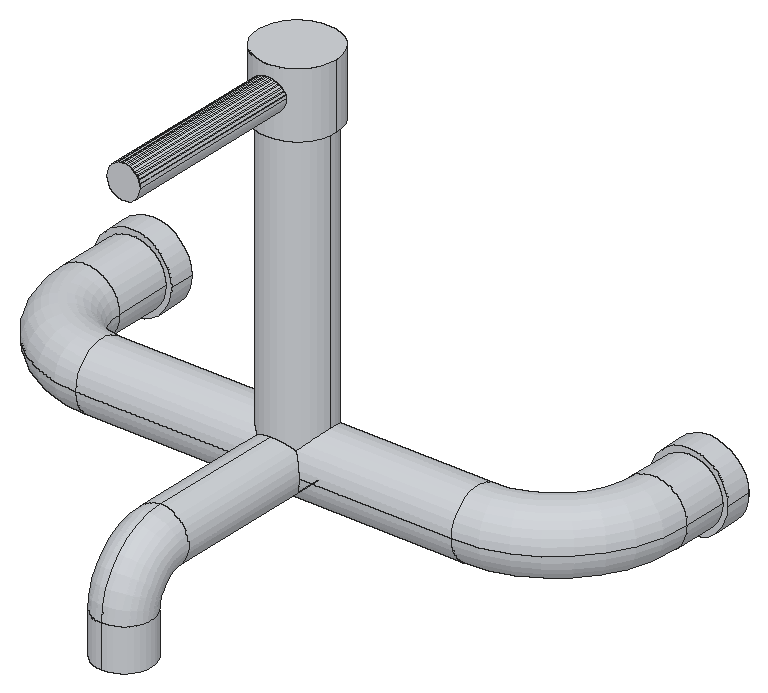
Revit family "auto-给水-混水阀", category Pipe Accessories, Revit 2020
Family settings
  Round Connector Dimension = Use Diameter
  Part Type = Normal
  Work Plane-Based = No
  Always vertical = Yes
  Cut with Voids When Loaded = No
  Shared = No
Parameters (values of type "标准")
  Default Elevation = 0 mm
  高度 [instance] = 131 mm
  长度 [instance] = 150 mm
  Assembly Code = ""
  Description = "找构件就上构件坞"
  Type Comments = ""
  热水进水口直径 [instance] = 15 mm
  热水进水口半径 [instance] = 热水进水口直径 / 2  # 7.5 mm
  Keynote = ""
  宽度 [instance] = 143 mm
  Model = ""
  Manufacturer = ""
  冷水进水口直径 [instance] = 15 mm
  冷水进水口半径 [instance] = 冷水进水口直径 / 2  # 7.5 mm
  URL = "www.goujianwu.com"
  K Coefficient Table = (empty or 0)
  HWFU = 0.75
  CWFU = 0.75
Reference planes
  plane 1 "中心(前/后)": y = 0
  plane 2: z = 0
  plane 3 "中心(左/右)": x = 0
  plane 4: x = -100
  plane 5: x = 100
  plane 6: y = -5
  plane 7: y = -143
  plane 8: y = -65
  plane 9: z = 131
  plane 10: z = 121
  plane 11: z = 107.651
  plane 12: y = -210
Forms (mm)
  Extrusion 1, solid, detail levels fine
    sketch origin (0, 0, 0) x (1, 0, 0) y (0, 0, 1)
      loop
        circle (-100, 0) r 7.5
      loop
        circle (100, 0) r 7.5
    from 0 to 5
  Extrusion 2, solid, detail levels fine
    sketch origin (0, 0, 0) x (1, 0, 0) y (0, 0, 1)
      loop
        circle (-100, 0) r 14
      loop
        circle (100, 0) r 14
    from 5 to 14.093
  Sweep 3, solid, detail levels fine
    path origin (0, 0, 0) x (1, 0, 0) y (0, 1, 0)
      loop
        line (-100, -14.093) -> (-100, -35)
        arc (-100, -35) -> (-91.213, -56.213) -> (-70, -65) r 30
        line (-70, -65) -> (65, -65)
        arc (65, -65) -> (89.749, -54.749) -> (100, -30) r 35
        line (100, -30) -> (100, -14.093)
    profile origin (-100, -24.547, 0) x (1, 0, 0) y (0, 0, 1)
      loop
        circle (0, 0) r 12
  Extrusion 4, solid, detail levels fine
    sketch origin (0, 0, 0) x (1, 0, 0) y (0, 1, 0)
      loop
        circle (0, -65) r 12
    from 0 to 107.651
  Extrusion 5, solid, detail levels fine
    sketch origin (0, 0, 0) x (1, 0, 0) y (0, 1, 0)
      loop
        circle (0, -65) r 14
    from 107.651 to 131
  Sweep 6, solid, detail levels fine
    path origin (0, 0, 0) x (0, 1, 0) y (0, 0, 1)
      loop
        line (-65, 0) -> (-126.428, 0)
        arc (-126.428, 0) -> (-138.146, -4.854) -> (-143, -16.572) r 16.572
        line (-143, -16.572) -> (-143, -31.627)
    profile origin (0, -95.714, 0) x (0, 0, -1) y (1, 0, 0)
      loop
        circle (0, 0) r 10
  Extrusion 7, solid, detail levels fine
    sketch origin (0, 0, 0) x (1, 0, 0) y (0, 0, 1)
      loop
        circle (0, 121) r 6
    from 65 to 143
  Extrusion 8, solid, detail levels fine
    sketch origin (0, 0, 0) x (1, 0, 0) y (0, 0, 1)
      loop
        circle (-100, 0) r 7.5
      loop
        circle (100, 0) r 7.5
    from 0 to 5
  Extrusion 9, solid, detail levels fine
    sketch origin (0, 0, 0) x (1, 0, 0) y (0, 0, 1)
      loop
        circle (-100, 0) r 14
      loop
        circle (100, 0) r 14
    from 5 to 14.093
  Sweep 10, solid, detail levels fine
    path origin (0, 0, 0) x (1, 0, 0) y (0, 1, 0)
      loop
        line (-100, -14.093) -> (-100, -35)
        arc (-100, -35) -> (-91.213, -56.213) -> (-70, -65) r 30
        line (-70, -65) -> (65, -65)
        arc (65, -65) -> (89.749, -54.749) -> (100, -30) r 35
        line (100, -30) -> (100, -14.093)
    profile origin (-100, -24.547, 0) x (1, 0, 0) y (0, 0, 1)
      loop
        circle (0, 0) r 12
  Extrusion 11, solid, detail levels fine
    sketch origin (0, 0, 0) x (1, 0, 0) y (0, 1, 0)
      loop
        circle (0, -65) r 12
    from 0 to 107.651
  Extrusion 12, solid, detail levels fine
    sketch origin (0, 0, 0) x (1, 0, 0) y (0, 1, 0)
      loop
        circle (0, -65) r 14
    from 107.651 to 131
  Extrusion 13, solid, detail levels fine
    sketch origin (0, 0, 0) x (1, 0, 0) y (0, 0, 1)
      loop
        circle (0, 121) r 6
    from 65 to 143
  Sweep 14, solid, detail levels fine
    path origin (0, 0, 0) x (0, 1, 0) y (0, 0, 1)
      loop
        line (-65, 0) -> (-126.428, 0)
        arc (-126.428, 0) -> (-138.146, -4.854) -> (-143, -16.572) r 16.572
        line (-143, -16.572) -> (-143, -31.627)
    profile origin (0, -95.714, 0) x (0, 0, -1) y (1, 0, 0)
      loop
        circle (0, 0) r 10
Lines and regions (mm)
  symbolic lines, detail levels coarse+medium
    curve 1: line (-100, 0, 0) -> (-100, -170, 0)
    curve 2: line (100, 0, 0) -> (100, -170, 0)
    curve 3: line (-115, -143, 0) -> (-85, -143, 0)
    curve 4: line (115, -143, 0) -> (85, -143, 0)
    curve 5: line (-100, -65, 0) -> (100, -65, 0)
    curve 6: line (0, -65, 0) -> (0, -210, 0)
    curve 7: arc (9.846, -192.592, 0) -> (1.31, -229.957, 0) -> (-12.038, -194.029, 0) r 20
  model lines, detail levels coarse+medium
    curve 8: line (0, 0, 0) -> (0, -20, 0)
    curve 9: circle (0, -24.937, 0) r 4.937 normal (1, 0, 0)
    curve 10: line (0, -29.875, 0) -> (0, -34.875, 0)
    curve 11: line (0, -34.875, 3.992) -> (0, -34.875, -4.011)
    curve 12: line (0, -24.937, 4.937) -> (0, -65, 121)
    curve 13: line (0, -65, 121) -> (0, -74.211, 33.36)
    curve 14: line (0, -49.274, 28.422) -> (0, -69.274, 28.422)
    curve 15: circle (0, -74.211, 28.422) r 4.937 normal (1, 0, 0)
    curve 16: line (0, -79.149, 28.422) -> (0, -84.149, 28.422)
    curve 17: line (0, -84.149, 32.414) -> (0, -84.149, 24.411)
    curve 18: circle (0, -65, 125.9) r 4.9 normal (1, 0, 0)
    curve 19: line (0, -65, 130.8) -> (0, -65, 138.058)
    curve 20: line (0, -55, 138.058) -> (0, -75, 138.058)
Dimensions and locks
  equal spacing: plane 5, plane 3 "中心(左/右)", plane 4
  plane 5 to plane 4 = 200 mm
  plane 6 to plane 1 "中心(前/后)" = 5 mm
  "宽度": plane 7 to plane 1 "中心(前/后)"
  plane 6 to plane 8 = 60 mm
  "高度": plane 9 to level
  plane 10 to plane 11 = 13.349 mm
  "热水进水口半径": radius of Extrusion 8 sketch curve
  "冷水进水口半径": radius of Extrusion 8 sketch curve
  aligned and locked: level to plane 2
  aligned and locked: plane 4 to Extrusion 1 sketch curve
  aligned and locked: level to Extrusion 1 sketch curve  (x2)
  aligned and locked: plane 5 to Extrusion 1 sketch curve
  aligned and locked: plane 4 to Extrusion 2 sketch curve
  aligned and locked: level to Extrusion 2 sketch curve  (x2)
  aligned and locked: plane 5 to Extrusion 2 sketch curve
  aligned and locked: Extrusion 2 to Extrusion 1
  aligned and locked: plane 6 to Extrusion 2
  aligned and locked: Sweep 3 sketch curve to plane 4
  aligned and locked: Sweep 3 sketch curve to plane 8
  aligned and locked: Sweep 3 sketch curve to plane 5
  aligned and locked: plane 4 to Sweep 3 sketch curve
  aligned and locked: level to Sweep 3 sketch curve
  aligned and locked: plane 3 "中心(左/右)" to Extrusion 4 sketch curve
  aligned and locked: plane 8 to Extrusion 4 sketch curve
  aligned and locked: plane 3 "中心(左/右)" to Extrusion 5 sketch curve
  aligned and locked: plane 8 to Extrusion 5 sketch curve
  aligned and locked: Extrusion 5 to Extrusion 4
  aligned and locked: plane 9 to Extrusion 5
  aligned and locked: Sweep 6 sketch curve to level
  aligned and locked: plane 7 to Sweep 6 sketch curve
  aligned and locked: plane 3 "中心(左/右)" to Sweep 6 sketch curve
  aligned and locked: level to Sweep 6 sketch curve
  aligned and locked: plane 3 "中心(左/右)" to Extrusion 7 sketch curve
  aligned and locked: plane 10 to Extrusion 7 sketch curve
  aligned and locked: plane 8 to Extrusion 7
  aligned and locked: Extrusion 7 to plane 7
  aligned and locked: plane 4 to Extrusion 8 sketch curve
  aligned and locked: level to Extrusion 8 sketch curve  (x2)
  aligned and locked: plane 5 to Extrusion 8 sketch curve
  aligned and locked: Extrusion 8 to plane 1 "中心(前/后)"
  aligned and locked: Extrusion 8 to Extrusion 1
  aligned and locked: plane 4 to Extrusion 9 sketch curve
  aligned and locked: level to Extrusion 9 sketch curve  (x2)
  aligned and locked: plane 5 to Extrusion 9 sketch curve
  aligned and locked: Extrusion 9 to Extrusion 1
  aligned and locked: Extrusion 9 to Extrusion 2
  aligned and locked: Sweep 10 sketch curve to plane 4
  aligned and locked: Sweep 10 sketch curve to plane 8
  aligned and locked: Sweep 10 sketch curve to plane 5
  aligned and locked: plane 4 to Sweep 10 sketch curve
  aligned and locked: level to Sweep 10 sketch curve
  aligned and locked: plane 3 "中心(左/右)" to Extrusion 11 sketch curve
  aligned and locked: plane 8 to Extrusion 11 sketch curve
  aligned and locked: Extrusion 11 to Extrusion 4
  aligned and locked: Extrusion 11 to level
  aligned and locked: plane 3 "中心(左/右)" to Extrusion 12 sketch curve
  aligned and locked: plane 8 to Extrusion 12 sketch curve
  aligned and locked: Extrusion 12 to Extrusion 4
  aligned and locked: plane 9 to Extrusion 12
  aligned and locked: plane 3 "中心(左/右)" to Extrusion 13 sketch curve
  aligned and locked: plane 10 to Extrusion 13 sketch curve
  aligned and locked: plane 8 to Extrusion 13
  aligned and locked: Extrusion 13 to plane 7
  aligned and locked: Sweep 14 sketch curve to level
  aligned and locked: plane 7 to Sweep 14 sketch curve
  aligned and locked: Extrusion 12 to Extrusion 5
  aligned and locked: Extrusion 11 to Extrusion 5
  aligned and locked: curve 1 to plane 4
  aligned and locked: curve 3 to plane 7
  aligned and locked: plane 7 to curve 4
  aligned and locked: curve 5 to plane 8
  aligned and locked: curve 6 to plane 3 "中心(左/右)"
  aligned and locked: plane 12 to curve 7
  aligned and locked: plane 3 "中心(左/右)" to curve 7
Automatic sketch dimensions
  plane 1 "中心(前/后)" to curve 2 = 0 mm
  curve 2 to plane 5 = 0 mm
  curve 6 to plane 12 = 0 mm
  plane 1 "中心(前/后)" to curve 1 = 0 mm
  curve 3 to plane 4 = 15 mm
  plane 4 to curve 3 = 15 mm
  curve 7 to plane 3 "中心(左/右)" = 12.038 mm
  plane 3 "中心(左/右)" to curve 7 = 9.846 mm
  plane 5 to curve 4 = 15 mm
  curve 4 to plane 5 = 15 mm
  plane 12 to curve 7 = 15.971 mm
  curve 1 to plane 7 = 27 mm
  curve 2 to plane 7 = 27 mm
  plane 4 to Sweep 3 sketch curve = 30 mm
  Sweep 3 sketch curve to plane 6 = 25 mm
  Sweep 3 sketch curve to plane 6 = 9.093 mm  (x2)
  Sweep 6 sketch curve to plane 8 = 0 mm
  Sweep 6 sketch curve to level = 16.572 mm
  Sweep 6 sketch curve to Sweep 6 sketch curve = 15.054 mm
  plane 4 to Sweep 10 sketch curve = 30 mm
  Sweep 10 sketch curve to plane 6 = 25 mm
  Sweep 10 sketch curve to plane 6 = 9.093 mm  (x2)
  Sweep 14 sketch curve to plane 8 = 0 mm
  Sweep 14 sketch curve to level = 16.572 mm
  Sweep 14 sketch curve to Sweep 14 sketch curve = 15.054 mm
  Sweep 14 sketch curve to plane 3 "中心(左/右)" = 0 mm
  Sweep 14 sketch curve to profile plane = 0 mm
  curve 13 to plane 8 = 0 mm
  curve 19 to plane 8 = 0 mm
  curve 18 to plane 8 = 0 mm
  curve 10 to level = 0 mm
  curve 9 to level = 0 mm
  curve 8 to level = 0 mm
  curve 8 to plane 1 "中心(前/后)" = 0 mm
  curve 12 to plane 10 = 0 mm
  curve 15 to plane 8 = 9.211 mm
  curve 9 to plane 6 = 19.937 mm
  level to curve 15 = 28.422 mm
  curve 12 to curve 18 = 4.9 mm
  curve 14 to plane 8 = 4.274 mm
  curve 13 to curve 15 = 0 mm
  curve 20 to plane 8 = 10 mm
  curve 16 to curve 16 = 5 mm
  plane 8 to curve 20 = 10 mm
  plane 8 to curve 14 = 15.726 mm
  curve 11 to level = 4.011 mm
  curve 11 to curve 9 = 9.937 mm
  curve 10 to curve 9 = 4.937 mm
  curve 12 to curve 9 = 0 mm
  curve 10 to curve 11 = 3.992 mm
  curve 17 to curve 15 = 4.011 mm
  curve 17 to curve 16 = 4.011 mm
  curve 15 to curve 14 = 0 mm
  curve 16 to curve 17 = 3.992 mm
  plane 9 to curve 20 = 7.058 mm
  radius of Extrusion 1 sketch curve = 7.5 mm  (x2)
  radius of Extrusion 2 sketch curve = 14 mm  (x2)
  radius of Extrusion 4 sketch curve = 12 mm
  radius of Extrusion 5 sketch curve = 14 mm
  radius of Extrusion 7 sketch curve = 6 mm
  radius of Extrusion 9 sketch curve = 14 mm  (x2)
  radius of Extrusion 11 sketch curve = 12 mm
  radius of Extrusion 12 sketch curve = 14 mm
  radius of Extrusion 13 sketch curve = 6 mm
  radius of Sweep 3 sketch curve = 12 mm
  radius of Sweep 6 sketch curve = 10 mm
  radius of Sweep 10 sketch curve = 12 mm
  radius of Sweep 14 sketch curve = 10 mm
Connectors
  piping at (-100, 0, 0), diameter 15, driven by "热水进水口直径", driven by "HWFU"
    settings: on Extrusion 1, index 1, connector inside diameter 609.6 mm, connector length 0 mm, flow factor 0, pipe flow 0.0 L/s, pressure drop 0.0 Pa, fitting loss kfactor 0, connector angle 0.00°, fixture units 0.75, engagement length 0 mm, angle of deflection 0.00°, flow configuration 1, flow direction 1, fitting loss method 4, system type 19, joint type 0, gender type 0, connector reference index -1, connector utility 0, adjustable connector no, is connector primary yes, connector description ""
  piping at (100, 0, 0), diameter 15, driven by "CWFU", driven by "冷水进水口直径"
    settings: on Extrusion 1, index 2, connector inside diameter 609.6 mm, connector length 0 mm, flow factor 0, pipe flow 0.0 L/s, pressure drop 0.0 Pa, fitting loss kfactor 0, connector angle 0.00°, fixture units 0.75, engagement length 0 mm, angle of deflection 0.00°, flow configuration 1, flow direction 1, fitting loss method 4, system type 20, joint type 0, gender type 0, connector reference index -1, connector utility 0, adjustable connector no, is connector primary no, connector description ""
